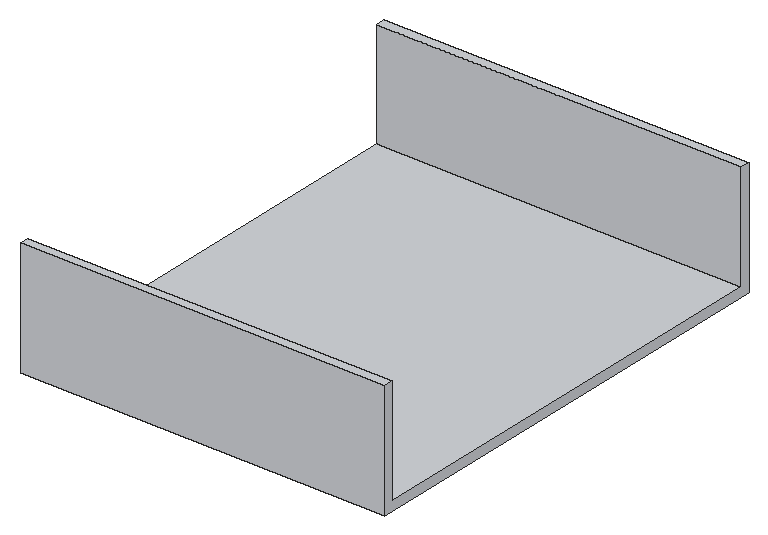
Revit family "H Shaft Symbol", category Cable Tray Fittings, Revit 2022
Family settings
  Round Connector Dimension = Use Diameter
  Part Type = Channel Union
  OmniClass Number = 23.80.30.17.17
  OmniClass Title = Cable Trays and Horizontal Racks
  Work Plane-Based = No
  Always vertical = Yes
  Cut with Voids When Loaded = No
  Shared = No
Parameters (values of type "シャフト用")
  起点の表示 [instance] = yes
  終点の表示 [instance] = yes
  注釈幅 [instance] = if(ラックの倍率 > 0, トレイ幅 * ラックの倍率, トレイ幅)  # 125 mm
  ラックの倍率 [instance] = 1
  トレイ幅 [instance] = 125 mm
  トレイ長さ [instance] = 100 mm
  トレイ高さ [instance] = 32 mm
  ForShaft = yes
  built-in parameter 1114242 [instance] = 1 < 0  # (empty or 0)
  Default Elevation [instance] = 2.5 mm
  GeneralRack = not(ForShaft)  # no
  注釈高さ [instance] = if(ラックの倍率 > 0, トレイ高さ * ラックの倍率, トレイ高さ)  # 32 mm
  built-in parameter 1154647 = 0 mm
Types (2, lengths in mm): name | ForShaft | GeneralRack
  シャフト用 | yes | no
  汎用 | no | yes
Reference planes
  plane 1 "中心(正面/背面)": y = 0
  plane 2: z = 0
  plane 3 "中心(左/右)": x = 0
  plane 4: x = 50
  plane 5: y = 62.5
  plane 6: y = -62.5
  plane 7: z = 16
  plane 8: z = -16
  plane 9: z = -13.5
  plane 10: y = 60
  plane 11: y = -60
  plane 12: y = 62.5
  plane 13: y = -62.5
  plane 14: z = 16
  plane 15: z = -16
  plane 16: x = 100
  plane 17: z = 16
  plane 18: z = -16
  plane 19: y = 62.5
  plane 20: y = -62.5
  plane 21: z = 16
  plane 22: z = -16
Forms (mm)
  Sweep 1, solid, detail levels fine
    path in 3D
      loop
        line (0, 0, 0) -> (100, 0, 0)
    profile origin (50, 0, 0) x (0, 1, 0) y (0, 0, 1)
      loop
        line (62.5, -16) -> (62.5, 16) -> (60, 16) -> (60, -13.5) -> (-60, -13.5) -> (-60, 16) -> (-62.5, 16) -> (-62.5, -16) -> (62.5, -16)
  Sweep 2, solid, detail levels coarse+medium
    path in 3D
      loop
        line (0, 0, 0) -> (100, 0, 0)
    profile origin (50, 0, 0) x (0, 1, 0) y (0, 0, 1)
      loop
        line (62.5, 16) -> (-62.5, 16) -> (-62.5, -16) -> (62.5, -16) -> (62.5, 16)
Lines and regions (mm)
  model lines, not visible, detail levels coarse
    curve 1: line (0, 0, 0) -> (100, 0, 0)
  sketch lines
    curve 2: line (0, 0, 0) -> (100, 0, 0)
    curve 3: line (0, 0, 0) -> (100, 0, 0)
  symbolic lines, style "H Boundary"
    curve 4: line (0, 62.5, 0) -> (100, 62.5, 0)
    curve 6: line (100, -62.5, 0) -> (0, -62.5, 0)
  symbolic lines, style "H Boundary", visible <- "起点の表示"
    curve 5: line (0, -62.5, 0) -> (0, 62.5, 0)
  symbolic lines, style "H Boundary", visible <- "終点の表示"
    curve 7: line (100, 62.5, 0) -> (100, -62.5, 0)
  symbolic lines, style "H Symbol", visible <- "ForShaft"
    curve 8: line (100, -62.5, 16) -> (100, -62.5, -16)
    curve 9: line (100, 62.5, 16) -> (100, 62.5, -16)
    curve 10: line (100, 62.5, 0) -> (100, -62.5, 0)
  symbolic lines, style "CableTrayFitting", visible <- "GeneralRack"
    curve 11: line (100, 62.5, 16) -> (100, 62.5, -16)
    curve 12: line (100, 62.5, -16) -> (100, -62.5, -16)
    curve 13: line (100, -62.5, -16) -> (100, -62.5, 16)
Dimensions and locks
  equal spacing: plane 5, plane 1 "中心(正面/背面)", plane 6
  "トレイ幅": plane 5 to plane 6
  equal spacing: plane 7, plane 2, plane 8
  "トレイ高さ": plane 7 to plane 8
  "Default Elevation": plane 5 to plane 10
  "Default Elevation": plane 11 to plane 6
  "Default Elevation": plane 8 to plane 9
  "トレイ幅": plane 12 to plane 13
  equal spacing: plane 12, plane 1 "中心(正面/背面)", plane 13
  equal spacing: plane 14, plane 2, plane 15
  "トレイ高さ": plane 14 to plane 15
  equal spacing: plane 3 "中心(左/右)", plane 4, plane 16
  "トレイ長さ": plane 3 "中心(左/右)" to plane 16
  equal spacing: curve 4, plane 1 "中心(正面/背面)", curve 6
  "注釈幅": curve 4 to curve 6
  equal spacing: plane 17, plane 2, plane 18
  "注釈高さ": plane 17 to plane 18
  equal spacing: plane 19, plane 1 "中心(正面/背面)", plane 20
  "注釈幅": plane 19 to plane 20
  equal spacing: plane 21, plane 2, plane 22
  "トレイ高さ": plane 21 to plane 22
  aligned and locked: plane 1 "中心(正面/背面)" to curve 1
  aligned and locked: plane 6 to Sweep 1 sketch curve  (x2)
  aligned and locked: plane 8 to Sweep 1 sketch curve  (x2)
  aligned and locked: Sweep 1 sketch curve to plane 5
  aligned and locked: plane 7 to Sweep 1 sketch curve  (x3)
  aligned and locked: plane 11 to Sweep 1 sketch curve  (x2)
  aligned and locked: plane 9 to Sweep 1 sketch curve  (x2)
  aligned and locked: plane 10 to Sweep 1 sketch curve  (x2)
  aligned and locked: Sweep 1 sketch curve to plane 7
  aligned and locked: Sweep 2 sketch curve to plane 14
  aligned and locked: Sweep 2 sketch curve to plane 15
  aligned and locked: plane 13 to Sweep 2 sketch curve
  aligned and locked: plane 12 to Sweep 2 sketch curve
  aligned and locked: plane 16 to curve 1
  aligned and locked: plane 3 "中心(左/右)" to curve 1
  aligned and locked: curve 9 to plane 19
  aligned and locked: plane 17 to curve 9
  aligned and locked: curve 8 to plane 20
  aligned and locked: plane 18 to curve 8
  aligned and locked: plane 17 to curve 8
  aligned and locked: curve 10 to plane 2
  aligned and locked: plane 18 to curve 12
  aligned and locked: curve 13 to plane 20
  aligned and locked: plane 19 to curve 11
  aligned and locked: plane 17 to curve 11
  aligned and locked: plane 17 to curve 13
Connectors
  cabletrayconduit at (0, 0, 0), diameter 609.6, driven by "トレイ高さ", driven by "トレイ幅"
    settings: on Sweep 2, index 1, connector width 125 mm, connector height 32 mm, connector angle 0.00°, system type 32, placement type 0, profile type 1, connector reference index 2, is primary connector yes, connector utility param no, connector description ""
  cabletrayconduit at (100, 0, 0), diameter 609.6, driven by "トレイ高さ", driven by "トレイ幅"
    settings: on Sweep 2, index 2, connector width 125 mm, connector height 32 mm, connector angle 0.00°, system type 32, placement type 0, profile type 1, connector reference index 1, is primary connector no, connector utility param no, connector description ""
